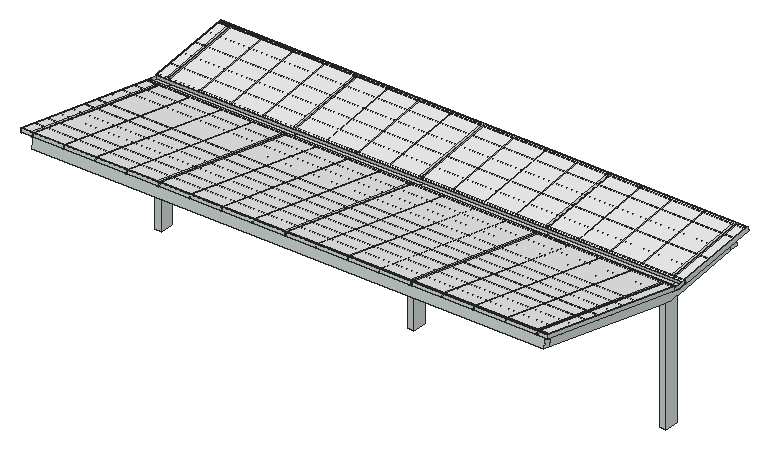
Revit family "Structuress Unlimited Unequal Double Wing Canopy", category Generic Models, Revit 2018
Family settings
  Can host rebar = No
  Round Connector Dimension = Use Diameter
  Part Type = Normal
  Work Plane-Based = No
  Always vertical = Yes
  Cut with Voids When Loaded = No
  Shared = Yes
  Room Calculation Point = No
Parameters (values of type "KCRF Aluminum #79")
  Vertical PD Right [instance] = (Real Centerline To Right Eave - 0' 0 1/2") / cos(Real Roof Pitch)  # 10' - 1.14754"
  Vertical PD Left [instance] = (Real Centerline To Left Eave - 0' 0 1/2") / cos(Real Roof Pitch)  # 5' - 0 41/128"
  URL = "https://www.structuresunlimitedinc.com/sui-3d-details/sui-double-wing-canopy-wide-column-spacing/"
  Roof Pitch [instance] = 9.46°
  Out To Out Of Box Beams Span [instance] = Real Centerline To Left Eave + Real Centerline To Right Eave  # 15' - 0"
  Real Roof Pitch [instance] = if(Roof Pitch < 9.46°, 9.46°, if(Roof Pitch > 45.00°, 45.00°, Roof Pitch))  # 9.46°
  Real Out To Out Of Box Beams Length [instance] = if(Out To Out Of Box Beams Length < 10' 0", 10' 0", if(Out To Out Of Box Beams Length > 200' 0", 200' 0", Out To Out Of Box Beams Length))  # 32' - 5"
  Real Column Height [instance] = if(Column Height < 2' 0", 2' 0", if(Column Height > 12' 0", 12' 0", Column Height))  # 8' - 0"
  Out To Out Of Box Beams Length [instance] = 32' - 5"
  Center To Center Of Beams [instance] = Real Out To Out Of Box Beams Length - Beam Width  # 32' - 0"
  Panel Offset Right [instance] = (Real Centerline To Right Eave - 0' 5 1/2") / cos(Real Roof Pitch)  # 9' - 8.0786"
  Panel Offset Left [instance] = (Real Centerline To Left Eave - 0' 5 1/2") / cos(Real Roof Pitch)  # 4' - 7.25139"
  Outside Of Column [instance] = Beam Height / 2  # 0' - 5"
  Outer Girder Length [instance] = Center To Center Of Beams + Beam Width  # 32' - 5"
  Number Of Intmdt Rafters [instance] = if(Column Spacing = Bay Spacing, Number Of Columns, Number Of Columns * 2 - 1)  # 5
  Number Of Horizontal Grids [instance] = Bay Spacing / 2' 0"  # 4
  Number Of Columns [instance] = if((Center To Center Of Beams / Real Nominal Column Spacing) > 1, roundup(Center To Center Of Beams / Real Nominal Column Spacing) + 1, 2)  # 3
  Number Of Bays [instance] = Number Of Intmdt Rafters - 1  # 4
  Real Nominal Column Spacing [instance] = if(Nominal Column Spacing < 5' 0", 5' 0", if(Nominal Column Spacing > 20' 0", 20' 0", Nominal Column Spacing))  # 16' - 0"
  Nominal Column Spacing [instance] = 16' - 0"
  Model = "Un-Symmetrical Double Wing Canopy"
  Manufacturer = "Structures Unlimited, Inc."
  Horizontal PD [instance] = Center To Center Of Beams + Beam Width + 1' 0"  # 33' - 5"
  Horizontal Grid Space [instance] = Bay Spacing / Number Of Horizontal Grids  # 2' - 0"
  Half Beam Width [instance] = Beam Width / 2  # 0' - 2 1/2"
  Even Number Of Horizontal Grids Real [instance] = if(Even Number Of Bays, Even Number Of Bays, Even Number Of Horizontal Grids)  # yes
  Even Number Of Horizontal Grids [instance] = roundup(Number Of Horizontal Grids / 2) = rounddown(Number Of Horizontal Grids / 2)  # yes
  Even Number Of Bays [instance] = roundup(Number Of Bays / 2) = rounddown(Number Of Bays / 2)  # yes
  Column Spacing [instance] = Center To Center Of Beams / (Number Of Columns - 1)  # 16' - 0"
  Column Height [instance] = 8' - 0"
  Real Centerline To Right Eave [instance] = if(Centerline To Right Eave < 2' 0", 2' 0", if(Centerline To Right Eave > 12' 0", 12' 0", Centerline To Right Eave))  # 10' - 0"
  Real Centerline To Left Eave [instance] = if(Centerline To Left Eave < 2' 0", 2' 0", if(Centerline To Left Eave > 12' 0", 12' 0", Centerline To Left Eave))  # 5' - 0"
  Centerline To Right Eave [instance] = 10' - 0"
  Centerline To Left Eave [instance] = 5' - 0"
  Center Of Canopy [instance] = Center To Center Of Beams / 2  # 16' - 0"
  Center Girder Length [instance] = Center To Center Of Beams - Beam Width  # 31' - 7"
  KCRF = KCRF Aluminum #79
  Beam Width [instance] = 0' - 5"  # constant formula
  Beam Height [instance] = 0' - 10"  # constant formula
  Bay Spacing [instance] = if(Column Spacing > 10' 0", Column Spacing * 0.5, Column Spacing)  # 8' - 0"
Reference planes (in)
  plane 1 "Center (Front/Back)": y = 0
  plane 2: z = 0
  plane 3 "Center (Left/Right)": x = 0
  plane 4: z = 0
  plane 5: z = 96
  plane 6: x = 192
  plane 7: y = -120
  plane 8 "Front Roof Plane": through (0, 515.17994, 136.8903) normal (0, 0.1644, 0.9864)
  plane 9: y = 60
  plane 10 "Back Roof Plane": through (0, 649.65578, 363.85422) normal (0, -0.1644, 0.9864)
Lines and regions (in)
  reference lines
    curve 1: line (0, 0, 96) -> (0, -182.48411, 126.40642)
    curve 2: line (0, 0, 96) -> (0, 263.0281, 139.82706)
    curve 3: line (0, 60, 105.9975) -> (0, 80.70924, -18.28897)
    curve 4: line (0, -120, 115.995) -> (0, -141.69539, -14.20988)
    curve 5: line (0, 41.30093, -117.94286) -> (0, 14.83913, 40.86763)
    curve 6: line (0, -14.54178, 42.6522) -> (0, -40.34614, -112.21269)
Dimensions and locks (in)
  "Real Column Height": plane 5 to plane 4
  "Center Of Canopy": plane 3 "Center (Left/Right)" to plane 6
  locked: plane 1 "Center (Front/Back)" to curve 1 at 0
  locked: curve 1 to plane 5
  locked: curve 3 to plane 9 at 0
  locked: plane 7 to curve 4
  "Half Beam Width": plane 3 "Center (Left/Right)" to nested 1
  "Panel Offset Left": curve 3 to curve 5
  "Panel Offset Right": curve 6 to curve 4
  "Real Centerline To Left Eave": plane 9 to plane 1 "Center (Front/Back)"
  "Real Centerline To Right Eave": plane 7 to plane 1 "Center (Front/Back)"
  "Real Roof Pitch": angle plane 2 to plane 8 "Front Roof Plane"
  "Real Roof Pitch": angle plane 5 to curve 1
  "Real Roof Pitch": angle curve 2 to plane 5
  "Real Roof Pitch": angle plane 10 "Back Roof Plane" to plane 2
  locked: curve 3 to curve 2 (angle 90.00°)
  locked: curve 1 to curve 4 (angle 90.00°)
  "Real Roof Pitch": angle plane 1 "Center (Front/Back)" to curve 6
  "Real Roof Pitch": angle curve 5 to plane 1 "Center (Front/Back)"
  aligned and locked: plane 2 to level
  aligned and locked: nested 3 to plane 6
  aligned and locked: nested 2 to plane 6
  aligned and locked: plane 6 to nested 4
  aligned and locked: plane 1 "Center (Front/Back)" to nested 4
  aligned and locked: plane 5 to nested 4
  aligned and locked: plane 1 "Center (Front/Back)" to nested 1
  aligned and locked: curve 2 to nested 3
  aligned and locked: nested 3 to curve 3
  aligned and locked: nested 2 to curve 1
  aligned and locked: nested 2 to curve 4
  aligned and locked: plane 5 to nested 1
  aligned and locked: curve 1 to nested 6
  aligned and locked: nested 5 to curve 2
  aligned and locked: plane 6 to nested 5
  aligned and locked: nested 6 to plane 6
  aligned and locked: curve 5 to nested 5
  aligned and locked: nested 6 to curve 6
  aligned and locked: plane 1 "Center (Front/Back)" to nested 7
  aligned and locked: nested 7 to plane 3 "Center (Left/Right)"
  aligned and locked: plane 4 to nested 7
  aligned and locked: nested 8 to plane 3 "Center (Left/Right)"
  aligned and locked: plane 1 "Center (Front/Back)" to nested 8
  aligned and locked: plane 4 to nested 8
  aligned and locked: plane 4 to plane 2
Automatic sketch dimensions
  curve 5 to plane 9 = 1' - 6.69907"
  curve 5 to curve 6 = 0' - 1.78457"
Nested families (in)
  nested 1: "Unequal Double Wing Canopy Girders" at (192, 0, 86), Beam Height <- "Beam Height", Beam Width <- "Beam Width", CRF <- "KCRF", Girder Length <- "Center Girder Length", type "Unequal Double Wing Canopy Girders"
    with Girder Length 31' - 7", CRF KCRF Aluminum #79, Beam Width 0' - 5", Beam Height 0' - 10"
  nested 2: "Unequal Double Wing Canopy Girders" at (192, -119.17759, 105.7201) x (-1, 0, 0) z (0, 0.1644, 0.9864), Beam Height <- "Beam Height", Beam Width <- "Beam Width", CRF <- "KCRF", Girder Length <- "Outer Girder Length", type "Unequal Double Wing Canopy Girders"
    with Girder Length 32' - 5", CRF KCRF Aluminum #79, Beam Width 0' - 5", Beam Height 0' - 10"
  nested 3: "Unequal Double Wing Canopy Girders" at (192, 59.17759, 95.7226) x (-1, 0, 0) z (0, -0.1644, 0.9864), Beam Height <- "Beam Height", Beam Width <- "Beam Width", CRF <- "KCRF", Girder Length <- "Outer Girder Length", type "Unequal Double Wing Canopy Girders"
    with Girder Length 32' - 5", CRF KCRF Aluminum #79, Beam Width 0' - 5", Beam Height 0' - 10"
  nested 4: "Unequal Double Wing Canopy Gutter" at (192, 0, 96), Beam Width <- "Beam Width", Center To Center Of Beams <- "Center To Center Of Beams", Roof Pitch <- "Real Roof Pitch", CRF <- "KCRF", type "Unequal Double Wing Canopy Gutter"
    with Roof Pitch 9.46°, Gutter Length 33' - 5", Center To Center Of Beams 32' - 0", CRF KCRF Aluminum #79, Beam Width 0' - 5"
  nested 5: "Unequal Double Wing Canopy Roof Panels" at (192, 5.5, 96.91644) x (1, 0, 0) z (0, -0.1644, 0.9864), Bay Spacing <- "Bay Spacing", CRF <- "KCRF", Horizontal PD <- "Horizontal PD", Vertical PD <- "Vertical PD Left", Even Bays <- "Even Number Of Bays", Horizontal Grid Spacing <- "Horizontal Grid Space", Even Grids <- "Even Number Of Horizontal Grids Real", type "Unequal Double Wing Canopy Roof Panels"
    with Vertical PD 5' - 0 41/128", Vertical Grid Spacing 1' - 0", Panel Skin Thickness 0' - 0.063", Panel Angle 90.00°, Overlap Width 0' - 1 3/4", Overlap Offset 0' - 0 7/8", IBeam Width 0' - 0 1/2", IBeam Thickness 0' - 2 5/8", Horizontal PD 33' - 5", Horizontal Grid Spacing 2' - 0", Half IBeam Width 0' - 0 1/4", Half Horizontal PD 16' - 8 1/2", Grid Offset 0' - 0", Even Grids yes, Even Bays yes, CRF KCRF Aluminum #79, Bay Spacing 8' - 0", Batten Width 0' - 2", Batten Thickness 0' - 0 1/8", Batten Offset 0' - 0"
  nested 6: "Unequal Double Wing Canopy Roof Panels" at (192, -5.5, 96.91644) x (-1, 0, 0) z (0, 0.1644, 0.9864), Bay Spacing <- "Bay Spacing", CRF <- "KCRF", Horizontal PD <- "Horizontal PD", Vertical PD <- "Vertical PD Right", Even Bays <- "Even Number Of Bays", Horizontal Grid Spacing <- "Horizontal Grid Space", Even Grids <- "Even Number Of Horizontal Grids Real", type "Unequal Double Wing Canopy Roof Panels"
    with Vertical PD 10' - 1.14754", Vertical Grid Spacing 1' - 0", Panel Skin Thickness 0' - 0.063", Panel Angle 90.00°, Overlap Width 0' - 1 3/4", Overlap Offset 0' - 0 7/8", IBeam Width 0' - 0 1/2", IBeam Thickness 0' - 2 5/8", Horizontal PD 33' - 5", Horizontal Grid Spacing 2' - 0", Half IBeam Width 0' - 0 1/4", Half Horizontal PD 16' - 8 1/2", Grid Offset 0' - 0", Even Grids yes, Even Bays yes, CRF KCRF Aluminum #79, Bay Spacing 8' - 0", Batten Width 0' - 2", Batten Thickness 0' - 0 1/8", Batten Offset 0' - 0"
  nested 7: "Unequal Double Wing Canopy Columns" at (0, 0, 0) x (0, -1, 0) z (0, 0, 1), CRF <- "KCRF", Beam Height <- "Beam Height", Beam Width <- "Beam Width", CTR 2 CTR Of Beams <- "Center To Center Of Beams", Column Height <- "Real Column Height", Column Spacing <- "Column Spacing", Roof Pitch <- "Real Roof Pitch", type "Unequal Double Wing Canopy Columns"
    with Width Of Canopy 20' - 10", Void Width 15' - 7", Void Offset 8' - 0", Roof Pitch 9.46°, Half Beam Width 0' - 2 1/2", Column Spacing 16' - 0", Column Height 8' - 0", CTR 2 CTR Of Beams 32' - 0", CRF KCRF Aluminum #79, Beam Width 0' - 5", Beam Height 0' - 10"
  nested 8: "Unequal Double Wing Canopy Rafters" at (0, 0, 0) x (0, -1, 0) z (0, 0, 1), CRF <- "KCRF", Beam Height <- "Beam Height", Beam Width <- "Beam Width", CTR 2 CTR Of Beams <- "Center To Center Of Beams", Column Height <- "Real Column Height", Column Spacing <- "Bay Spacing", Roof Pitch <- "Real Roof Pitch", CL To Left Eave <- "Real Centerline To Left Eave", CL To Right Eave <- "Real Centerline To Right Eave", type "Unequal Double Wing Canopy Rafters"
    with Void Width 7' - 7", Void Offset 4' - 0", Roof Pitch 9.46°, Half Beam Width 0' - 2 1/2", Column Spacing 8' - 0", Column Height 8' - 0", CTR 2 CTR Of Beams 32' - 0", CRF KCRF Aluminum #79, CL To Right Eave 10' - 0", CL To Left Eave 5' - 0", Beam Width 0' - 5", Beam Height 0' - 10"
Definition of nested family "Unequal Double Wing Canopy Girders"
  Parameters (values of type "Unequal Double Wing Canopy Girders")
    Girder Length [instance] = 17' - 1"
    Default Elevation = 4' - 0"
    CRF [instance] = none
    Beam Width [instance] = 0' - 5"
    Beam Height [instance] = 0' - 10"
  Reference planes (in)
    plane 1 "Center (Front/Back)": y = 0
    plane 2: z = 0
    plane 3 "Center (Left/Right)": x = 0
    plane 4: x = -102.5
    plane 5: x = 102.5
    plane 6: y = -2.5
    plane 7: y = 2.5
    plane 8: z = 10
  Forms (in)
    Extrusion 1, solid, material <- "CRF"
      sketch origin (0, 0, 0) x (0, 1, 0) y (0, 0, 1)
        loop
          line (2.5, 10) -> (-2.5, 10) -> (-2.5, 0) -> (2.5, 0) -> (2.5, 10)
      from -102.5 to 102.5
  Dimensions and locks (in)
    equal spacing: plane 7, plane 1 "Center (Front/Back)", plane 6
    equal spacing: plane 4, plane 3 "Center (Left/Right)", plane 5
    "Beam Width": plane 7 to plane 6
    "Girder Length": plane 4 to plane 5
    "Beam Height": plane 8 to plane 2
    aligned and locked: level to plane 2
    aligned and locked: Extrusion 1 sketch curve to plane 8
    aligned and locked: plane 6 to Extrusion 1 sketch curve
    aligned and locked: Extrusion 1 sketch curve to plane 7
    aligned and locked: plane 2 to Extrusion 1 sketch curve
    aligned and locked: Extrusion 1 to plane 4
    aligned and locked: plane 5 to Extrusion 1
Definition of nested family "Unequal Double Wing Canopy Gutter"
  Parameters (values of type "Unequal Double Wing Canopy Gutter")
    Roof Pitch [instance] = 15.00°
    Gutter Length [instance] = Center To Center Of Beams + Beam Width + 1' 0"  # 34' - 9"
    Center To Center Of Beams [instance] = 33' - 4"
    CRF [instance] = none
    Beam Width [instance] = 0' - 5"
  Reference planes (in)
    plane 1 "Center (Front/Back)": y = 0
    plane 2: z = 0
    plane 3 "Center (Left/Right)": x = 0
    plane 4: x = -208.5
    plane 5: x = 208.5
    plane 6: y = 5.5
    plane 7: y = -5.5
  Forms (in)
    Extrusion 1, solid, material <- "CRF"
      sketch origin (0, 0, 0) x (0, 1, 0) y (0, 0, 1)
        loop
          line (6.49828, 1.6118) -> (6.46593, 1.73254) -> (0, 0) -> (-6.46593, 1.73254) -> (-6.49828, 1.6118) -> (0, -0.12941) -> (6.49828, 1.6118)
      from -208.5 to 208.5
    Extrusion 2, solid, material <- "CRF"
      sketch origin (0, 0, 0) x (0, 1, 0) y (0, 0, 1)
        loop
          line (3.93037, 1.05314) -> (3.26715, 3.52832) -> (4.83678, 3.94891) -> (4.80442, 4.06965) -> (3.11405, 3.61671) -> (3.77728, 1.14153) -> (0, 0.12941) -> (-3.77728, 1.14153) -> (-3.11405, 3.61671) -> (-4.80442, 4.06965) -> (-4.83678, 3.94891) -> (-3.26715, 3.52832) -> (-3.93037, 1.05314) -> (0, 0) -> (3.93037, 1.05314)
      from -208.375 to 208.375
    Extrusion 3, solid, material <- "CRF"
      sketch origin (0, 0, 0) x (0, 1, 0) y (0, 0, 1)
        loop
          line (4.80442, 4.06965) -> (0, 2.7823) -> (-4.80442, 4.06965) -> (-5.5, 1.47372) -> (0, 0) -> (5.5, 1.47372) -> (4.80442, 4.06965)
      from 208.375 to 208.5
    Extrusion 4, solid, material <- "CRF"
      sketch origin (0, 0, 0) x (0, 1, 0) y (0, 0, 1)
        loop
          line (5.5, 1.47372) -> (4.80442, 4.06965) -> (0, 2.7823) -> (-4.80442, 4.06965) -> (-5.5, 1.47372) -> (0, 0) -> (5.5, 1.47372)
      from -208.5 to -208.375
  Lines and regions (in)
    reference lines
      curve 1: line (0, 0, 0) -> (0, -66.64888, 17.85851)
      curve 2: line (0, 0, 0) -> (0, 52.15999, 13.97623)
      curve 3: line (0, 5.5, 1.47372) -> (0, 21.28796, -57.44775)
      curve 4: line (0, -5.5, 1.47372) -> (0, -21.02914, -56.48183)
  Dimensions and locks (in)
    equal spacing: plane 4, plane 3 "Center (Left/Right)", plane 5
    "Gutter Length": plane 4 to plane 5
    equal spacing: plane 6, plane 1 "Center (Front/Back)", plane 7
    locked: plane 6 to plane 1 "Center (Front/Back)" at 5.5
    locked: curve 1 to plane 2 at 0
    locked: plane 1 "Center (Front/Back)" to curve 1 at 0
    locked: curve 3 to plane 6 at 0
    locked: plane 7 to curve 4 at 0
    locked: curve 4 to Extrusion 1 sketch curve at 1
    locked: Extrusion 1 sketch curve to curve 3 at 1
    locked: curve 2 to Extrusion 1 sketch curve at 0.125
    locked: curve 1 to Extrusion 1 sketch curve at 0.125
    locked: Extrusion 2 sketch curve to curve 2 at 0.125
    locked: curve 1 to Extrusion 2 sketch curve at 0.125
    locked: Extrusion 2 sketch curve to curve 2 at 2.6875
    locked: curve 1 to Extrusion 2 sketch curve at 2.6875
    locked: Extrusion 2 sketch curve to Extrusion 2 sketch curve at 0.125  (x4)
    locked: curve 3 to Extrusion 2 sketch curve at 1.75
    locked: Extrusion 2 sketch curve to curve 4 at 1.75
    locked: Extrusion 3 sketch curve to curve 2 at 2.6875
    locked: curve 1 to Extrusion 3 sketch curve at 2.6875
    locked: Extrusion 3 to plane 5 at 0.125
    locked: Extrusion 4 sketch curve to curve 2 at 2.6875
    locked: curve 1 to Extrusion 4 sketch curve at 2.6875
    locked: plane 4 to Extrusion 4 at 0.125
    locked: plane 4 to Extrusion 2 at 0.125
    locked: Extrusion 2 to plane 5 at 0.125
    "Roof Pitch": angle plane 2 to curve 1
    "Roof Pitch": angle curve 2 to plane 2
    locked: curve 1 to curve 4 (angle 90.00°)
    locked: curve 3 to curve 2 (angle 90.00°)
    aligned and locked: plane 2 to level
    aligned and locked: Extrusion 1 sketch curve to curve 2
    aligned and locked: Extrusion 1 sketch curve to curve 1
    aligned and locked: Extrusion 1 to plane 4
    aligned and locked: plane 5 to Extrusion 1
    aligned and locked: Extrusion 2 sketch curve to curve 2
    aligned and locked: Extrusion 2 sketch curve to curve 1
    aligned and locked: Extrusion 2 sketch curve to curve 3
    aligned and locked: curve 4 to Extrusion 2 sketch curve
    aligned and locked: curve 3 to Extrusion 3 sketch curve
    aligned and locked: curve 2 to Extrusion 3 sketch curve
    aligned and locked: Extrusion 3 sketch curve to curve 1
    aligned and locked: Extrusion 3 sketch curve to curve 4
    aligned and locked: plane 5 to Extrusion 3
    aligned and locked: Extrusion 4 sketch curve to curve 2
    aligned and locked: Extrusion 4 sketch curve to curve 3
    aligned and locked: Extrusion 4 sketch curve to curve 1
    aligned and locked: Extrusion 4 sketch curve to curve 4
    aligned and locked: Extrusion 4 to plane 4
Definition of nested family "Unequal Double Wing Canopy Roof Panels"
  Parameters (values of type "Unequal Double Wing Canopy Roof Panels")
    Vertical PD [instance] = 14' - 7"
    Vertical Grid Spacing [instance] = 1' - 0"  # constant formula
    Panel Skin Thickness [instance] = 0' - 0.063"  # constant formula
    Panel Angle [instance] = 90.00°
    Overlap Width [instance] = 0' - 1 3/4"  # constant formula
    Overlap Offset [instance] = Overlap Width / 2  # 0' - 0 7/8"
    IBeam Width [instance] = 0' - 0 1/2"  # constant formula
    IBeam Thickness [instance] = 0' - 2 5/8"  # constant formula
    Horizontal PD [instance] = 16' - 8"
    Horizontal Grid Spacing [instance] = 2' - 0"
    Half IBeam Width [instance] = IBeam Width / 2  # 0' - 0 1/4"
    Half Horizontal PD [instance] = Horizontal PD / 2  # 8' - 4"
    Grid Offset [instance] = if(Even Grids, 0' 0", Horizontal Grid Spacing / 2)  # 1' - 0"
    Even Grids [instance] = no
    Even Bays [instance] = no
    Default Elevation = 4' - 0"
    CRF [instance] = none
    Bay Spacing [instance] = 8' - 0"
    Batten Width [instance] = 0' - 2"  # constant formula
    Batten Thickness [instance] = 0' - 0 1/8"  # constant formula
    Batten Offset [instance] = if(Even Bays, 0' 0", Bay Spacing / 2)  # 4' - 0"
  Reference planes (in)
    plane 1 "Center (Front/Back)": y = 0
    plane 2: z = 0
    plane 3 "Center (Left/Right)": x = 0
    plane 4 "Left Panel": x = -100
    plane 5 "Right Panel": x = 100
    plane 6: z = 0.063
    plane 7: z = 2.688
    plane 8: z = 2.751
    plane 9: y = -1.75
    plane 10 "Left Outside": x = -2000
    plane 11 "Right Outside": x = 2000
    plane 12: y = 0.25
    plane 13 "Max Top PD": y = 1080
    plane 14 "Max Left PD": x = -1976
    plane 15 "Max Right PD": x = 1976
    plane 16 "Top Outside": y = 1104
    plane 17: x = -36
    plane 18: x = -60
    plane 19: x = -84
    plane 20: x = -108
    plane 21: x = -132
    plane 22: x = -156
    plane 23: x = -180
    plane 24: x = -204
    plane 25: x = 12
    plane 26: x = 36
    plane 27: x = 60
    plane 28: x = 84
    plane 29: x = 108
    plane 30: x = 132
    plane 31: x = 156
    plane 32: x = 180
    plane 33: x = 204
    plane 34: x = -228
    plane 35: x = -252
    plane 36: x = 228
    plane 37: x = -276
    plane 38: x = -300
    plane 39: x = -324
    plane 40: x = -348
    plane 41: x = -372
    plane 42: x = -396
    plane 43: x = -420
    plane 44: x = 252
    plane 45: x = 276
    plane 46: x = 300
    plane 47: x = 324
    plane 48: x = 348
    plane 49: x = 372
    plane 50: x = 396
    plane 51: y = 12.25
    plane 52: y = 24.25
    plane 53: y = 36.25
    plane 54: y = 48.25
    plane 55: y = 60.25
    plane 56: y = 72.25
    plane 57: y = 84.25
    plane 58: y = 96.25
    plane 59: y = 108.25
    plane 60: z = 2.876
    plane 61: z = -0.125
    plane 62 "Bot Max": y = -36
    plane 63 "Bot Outside": y = -48
    plane 64: x = -444
    plane 65: x = -468
    plane 66: x = 420
    plane 67: x = 444
    plane 68: y = 120.25
    plane 69: y = 132.25
    plane 70: y = 144.25
    plane 71: y = 156.25
    plane 72: y = 168.25
    plane 73: y = 180.25
    plane 74: y = 192.25
    plane 75: y = 204.25
    plane 76: y = 216.25
    plane 77: y = 228.25
    plane 78: y = 240.25
    plane 79: y = 252.25
    plane 80: y = 264.25
    plane 81: y = 276.25
    plane 82: y = 288.25
    plane 83: y = 300.25
    plane 84: y = 312.25
    plane 85: y = 324.25
    plane 86: y = 336.25
    plane 87: y = 348.25
    plane 88: y = 360.25
    plane 89: y = 372.25
    plane 90: y = 384.25
    plane 91: y = 396.25
    plane 92: y = 408.25
    plane 93: y = 420.25
    plane 94: y = 432.25
    plane 95: y = 444.25
    plane 96: y = 456.25
    plane 97: y = 468.25
    plane 98: y = 480.25
    plane 99: y = 492.25
    plane 100: y = 504.25
    plane 101: y = 516.25
    plane 102: y = 528.25
    plane 103: x = -492
    plane 104: x = -516
    plane 105: x = -540
    plane 106: x = -564
    plane 107: x = -588
    plane 108: x = -612
    plane 109: x = -636
    plane 110: x = -660
    plane 111: x = -684
    plane 112: x = -708
    plane 113: x = -732
    plane 114: x = -756
    plane 115: x = 468
    plane 116: x = 492
    plane 117: x = 540
    plane 118: x = 516
    plane 119: x = 564
    plane 120: x = 588
    plane 121: x = 636
    plane 122: x = 612
    plane 123: x = 660
    plane 124: x = 684
    plane 125: x = 708
    plane 126: x = 732
    plane 127: y = 540.25
    plane 128: y = 552.25
    plane 129: y = 564.25
    plane 130: y = 576.25
    plane 131: y = 588.25
    plane 132: y = 600.25
    plane 133: y = 612.25
    plane 134: y = 624.25
    plane 135: y = 636.25
    plane 136: y = 648.25
    plane 137: y = 660.25
    plane 138: y = 684.25
    plane 139: y = 696.25
    plane 140: y = 672.25
    plane 141: y = 708.25
    plane 142: y = 720.25
    plane 143: y = 744.25
    plane 144: y = 732.25
    plane 145: y = 768.25
    plane 146: y = 756.25
    plane 147: y = 780.25
    plane 148: y = 804.25
    plane 149: y = 792.25
    plane 150: y = 816.25
    plane 151: y = 828.25
    plane 152: y = 840.25
    plane 153: y = 852.25
    plane 154: y = 864.25
    plane 155: y = 876.25
    plane 156: y = 888.25
    plane 157: y = 900.25
    plane 158: y = 912.25
    plane 159: y = 936.25
    plane 160: y = 948.25
    plane 161: y = 960.25
    plane 162: y = 924.25
    plane 163: x = -780
    plane 164: x = -804
    plane 165: x = -828
    plane 166: x = -852
    plane 167: x = -876
    plane 168: x = -900
    plane 169: x = -924
    plane 170: x = -948
    plane 171: x = -972
    plane 172: x = 756
    plane 173: x = 780
    plane 174: x = 804
    plane 175: x = 828
    plane 176: x = 852
    plane 177: x = 876
    plane 178: x = 900
    plane 179: x = 924
    plane 180: x = 948
    plane 181: x = -996
    plane 182: x = -1020
    plane 183: x = -1044
    plane 184: x = -1068
    plane 185: x = 972
    plane 186: x = 996
    plane 187: x = 1020
    plane 188: x = 1044
    plane 189: x = -1092
    plane 190: x = -1116
    plane 191: x = -1140
    plane 192: x = -1164
    plane 193: x = 1068
    plane 194: x = 1092
    plane 195: x = 1116
    plane 196: x = 1140
    plane 197: x = -1188
    plane 198: x = -1212
    plane 199: x = -1236
    plane 200: x = 1188
    plane 201: x = 1164
    plane 202: x = 1212
    plane 203: y = 175.25
    plane 204: x = -1200
    plane 205: x = -1104
    plane 206: x = -1008
    plane 207: x = -912
    plane 208: x = -816
    plane 209: x = -720
    plane 210: x = -624
    plane 211: x = -528
    plane 212: x = -432
    plane 213: x = -336
    plane 214: x = -240
    plane 215: x = -144
    plane 216: x = -48
    plane 217: x = 48
    plane 218: x = 144
    plane 219: x = 240
    plane 220: x = 336
    plane 221: x = 432
    plane 222: x = 528
    plane 223: x = 624
    plane 224: x = 720
    plane 225: x = 816
    plane 226: x = 912
    plane 227: x = 1008
    plane 228: x = 1104
    plane 229: x = 1200
    plane 230: x = -12
  Forms (in)
    Extrusion 1, solid
      sketch origin (0, 0, 0) x (1, 0, 0) y (0, 1, 0)
        loop
          line (1976, 0) -> (1976, 1080) -> (-1976, 1080) -> (-1976, 0) -> (1976, 0)
      from 0.063 to 0
    Extrusion 2, solid
      sketch origin (0, 0, 0) x (1, 0, 0) y (0, 1, 0)
        loop
          line (1976, -1.75) -> (1976, 1080) -> (-1976, 1080) -> (-1976, -1.75) -> (1976, -1.75)
      from 2.688 to 2.751
    Sweep 3, solid
      path origin (0, 0, 0) x (1, 0, 0) y (0, 1, 0)
        loop
          line (1976, 1080) -> (1976, 0.25) -> (1212, 0.25) -> (1212, 1080) -> (1188, 1080) -> (1188, 0.25) -> (1164, 0.25) -> (1164, 1080) -> (1140, 1080) -> (1140, 0.25) -> (1116, 0.25) -> (1116, 1080) -> (1092, 1080) -> (1092, 0.25) -> (1068, 0.25) -> (1068, 1080) -> (1044, 1080) -> (1044, 0.25) -> (1020, 0.25) -> (1020, 1080) -> (996, 1080) -> (996, 0.25) -> (972, 0.25) -> (972, 1080) -> (948, 1080) -> (948, 0.25) -> (924, 0.25) -> (924, 1080) -> (900, 1080) -> (900, 0.25) -> (876, 0.25) -> (876, 1080) -> (852, 1080) -> (852, 0.25) -> (828, 0.25) -> (828, 1080) -> (804, 1080) -> (804, 0.25) -> (780, 0.25) -> (780, 1080) -> (756, 1080) -> (756, 0.25) -> (732, 0.25) -> (732, 1080) -> (708, 1080) -> (708, 0.25) -> (684, 0.25) -> (684, 1080) -> (660, 1080) -> (660, 0.25) -> (636, 0.25) -> (636, 1080) -> (612, 1080) -> (612, 0.25) -> (588, 0.25) -> (588, 1080) -> (564, 1080) -> (564, 0.25) -> (540, 0.25) -> (540, 1080) -> (516, 1080) -> (516, 0.25) -> (492, 0.25) -> (492, 1080) -> (468, 1080) -> (468, 0.25) -> (444, 0.25) -> (444, 1080) -> (420, 1080) -> (420, 0.25) -> (396, 0.25) -> (396, 1080) -> (372, 1080) -> (372, 0.25) -> (348, 0.25) -> (348, 1080) -> (324, 1080) -> (324, 0.25) -> (300, 0.25) -> (300, 1080) -> (276, 1080) -> (276, 0.25) -> (252, 0.25) -> (252, 1080) -> (228, 1080) -> (228, 0.25) -> (204, 0.25) -> (204, 1080) -> (180, 1080) -> (180, 0.25) -> (156, 0.25) -> (156, 1080) -> (132, 1080) -> (132, 0.25) -> (108, 0.25) -> (108, 1080) -> (84, 1080) -> (84, 0.25) -> (60, 0.25) -> (60, 1080) -> (36, 1080) -> (36, 0.25) -> (12, 0.25) -> (12, 1080) -> (-12, 1080) -> (-12, 0.25) -> (-36, 0.25) -> (-36, 1080) -> (-60, 1080) -> (-60, 0.25) -> (-84, 0.25) -> (-84, 1080) -> (-108, 1080) -> (-108, 0.25) -> (-132, 0.25) -> (-132, 1080) -> (-156, 1080) -> (-156, 0.25) -> (-180, 0.25) -> (-180, 1080) -> (-204, 1080) -> (-204, 0.25) -> (-228, 0.25) -> (-228, 1080) -> (-252, 1080) -> (-252, 0.25) -> (-276, 0.25) -> (-276, 1080) -> (-300, 1080) -> (-300, 0.25) -> (-324, 0.25) -> (-324, 1080) -> (-348, 1080) -> (-348, 0.25) -> (-372, 0.25) -> (-372, 1080) -> (-396, 1080) -> (-396, 0.25) -> (-420, 0.25) -> (-420, 1080) -> (-444, 1080) -> (-444, 0.25) -> (-468, 0.25) -> (-468, 1080) -> (-492, 1080) -> (-492, 0.25) -> (-516, 0.25) -> (-516, 1080) -> (-540, 1080) -> (-540, 0.25) -> (-564, 0.25) -> (-564, 1080) -> (-588, 1080) -> (-588, 0.25) -> (-612, 0.25) -> (-612, 1080) -> (-636, 1080) -> (-636, 0.25) -> (-660, 0.25) -> (-660, 1080) -> (-684, 1080) -> (-684, 0.25) -> (-708, 0.25) -> (-708, 1080) -> (-732, 1080) -> (-732, 0.25) -> (-756, 0.25) -> (-756, 1080) -> (-780, 1080) -> (-780, 0.25) -> (-804, 0.25) -> (-804, 1080) -> (-828, 1080) -> (-828, 0.25) -> (-852, 0.25) -> (-852, 1080) -> (-876, 1080) -> (-876, 0.25) -> (-900, 0.25) -> (-900, 1080) -> (-924, 1080) -> (-924, 0.25) -> (-948, 0.25) -> (-948, 1080) -> (-972, 1080) -> (-972, 0.25) -> (-996, 0.25) -> (-996, 1080) -> (-1020, 1080) -> (-1020, 0.25) -> (-1044, 0.25) -> (-1044, 1080) -> (-1068, 1080) -> (-1068, 0.25) -> (-1092, 0.25) -> (-1092, 1080) -> (-1116, 1080) -> (-1116, 0.25) -> (-1140, 0.25) -> (-1140, 1080) -> (-1164, 1080) -> (-1164, 0.25) -> (-1188, 0.25) -> (-1188, 1080) -> (-1212, 1080) -> (-1212, 0.25) -> (-1236, 0.25) -> (-1236, 1080) -> (-1976, 1080) -> (-1976, 0.25)
      profile origin (-1976, 540.125, 0) x (1, 0, 0) y (0, 0, 1)
        loop
          line (0.25, 0.063) -> (0.25, 2.688) -> (-0.25, 2.688) -> (-0.25, 0.063) -> (0.25, 0.063)
    Sweep 4, solid
      path origin (0, 0, 0) x (1, 0, 0) y (0, 1, 0)
        loop
          line (1976, 1080) -> (-1976, 1080) -> (-1976, 960.25) -> (1976, 960.25) -> (1976, 948.25) -> (-1976, 948.25) -> (-1976, 936.25) -> (1976, 936.25) -> (1976, 924.25) -> (-1976, 924.25) -> (-1976, 912.25) -> (1976, 912.25) -> (1976, 900.25) -> (-1976, 900.25) -> (-1976, 888.25) -> (1976, 888.25) -> (1976, 876.25) -> (-1976, 876.25) -> (-1976, 864.25) -> (1976, 864.25) -> (1976, 852.25) -> (-1976, 852.25) -> (-1976, 840.25) -> (1976, 840.25) -> (1976, 828.25) -> (-1976, 828.25) -> (-1976, 816.25) -> (1976, 816.25) -> (1976, 804.25) -> (-1976, 804.25) -> (-1976, 792.25) -> (1976, 792.25) -> (1976, 780.25) -> (-1976, 780.25) -> (-1976, 768.25) -> (1976, 768.25) -> (1976, 756.25) -> (-1976, 756.25) -> (-1976, 744.25) -> (1976, 744.25) -> (1976, 732.25) -> (-1976, 732.25) -> (-1976, 720.25) -> (1976, 720.25) -> (1976, 708.25) -> (-1976, 708.25) -> (-1976, 696.25) -> (1976, 696.25) -> (1976, 684.25) -> (-1976, 684.25) -> (-1976, 672.25) -> (1976, 672.25) -> (1976, 660.25) -> (-1976, 660.25) -> (-1976, 648.25) -> (1976, 648.25) -> (1976, 636.25) -> (-1976, 636.25) -> (-1976, 624.25) -> (1976, 624.25) -> (1976, 612.25) -> (-1976, 612.25) -> (-1976, 600.25) -> (1976, 600.25) -> (1976, 588.25) -> (-1976, 588.25) -> (-1976, 576.25) -> (1976, 576.25) -> (1976, 564.25) -> (-1976, 564.25) -> (-1976, 552.25) -> (1976, 552.25) -> (1976, 540.25) -> (-1976, 540.25) -> (-1976, 528.25) -> (1976, 528.25) -> (1976, 516.25) -> (-1976, 516.25) -> (-1976, 504.25) -> (1976, 504.25) -> (1976, 492.25) -> (-1976, 492.25) -> (-1976, 480.25) -> (1976, 480.25) -> (1976, 468.25) -> (-1976, 468.25) -> (-1976, 456.25) -> (1976, 456.25) -> (1976, 444.25) -> (-1976, 444.25) -> (-1976, 432.25) -> (1976, 432.25) -> (1976, 420.25) -> (-1976, 420.25) -> (-1976, 408.25) -> (1976, 408.25) -> (1976, 396.25) -> (-1976, 396.25) -> (-1976, 384.25) -> (1976, 384.25) -> (1976, 372.25) -> (-1976, 372.25) -> (-1976, 360.25) -> (1976, 360.25) -> (1976, 348.25) -> (-1976, 348.25) -> (-1976, 336.25) -> (1976, 336.25) -> (1976, 324.25) -> (-1976, 324.25) -> (-1976, 312.25) -> (1976, 312.25) -> (1976, 300.25) -> (-1976, 300.25) -> (-1976, 288.25) -> (1976, 288.25) -> (1976, 276.25) -> (-1976, 276.25) -> (-1976, 264.25) -> (1976, 264.25) -> (1976, 252.25) -> (-1976, 252.25) -> (-1976, 240.25) -> (1976, 240.25) -> (1976, 228.25) -> (-1976, 228.25) -> (-1976, 216.25) -> (1976, 216.25) -> (1976, 204.25) -> (-1976, 204.25) -> (-1976, 192.25) -> (1976, 192.25) -> (1976, 180.25) -> (-1976, 180.25) -> (-1976, 168.25) -> (1976, 168.25) -> (1976, 156.25) -> (-1976, 156.25) -> (-1976, 144.25) -> (1976, 144.25) -> (1976, 132.25) -> (-1976, 132.25) -> (-1976, 120.25) -> (1976, 120.25) -> (1976, 108.25) -> (-1976, 108.25) -> (-1976, 96.25) -> (1976, 96.25) -> (1976, 84.25) -> (-1976, 84.25) -> (-1976, 72.25) -> (1976, 72.25) -> (1976, 60.25) -> (-1976, 60.25) -> (-1976, 48.25) -> (1976, 48.25) -> (1976, 36.25) -> (-1976, 36.25) -> (-1976, 24.25) -> (1976, 24.25) -> (1976, 12.25) -> (-1976, 12.25) -> (-1976, 0.25) -> (1976, 0.25)
      profile origin (0, 0.25, 0) x (0, 1, 0) y (0, 0, 1)
        loop
          line (-0.25, 2.688) -> (-0.25, 0.063) -> (0.25, 0.063) -> (0.25, 2.688) -> (-0.25, 2.688)
    Extrusion 5, void
      sketch origin (0, 0, 0) x (1, 0, 0) y (0, 1, 0)
        loop
          line (-100, -1.75) -> (-100, 175.25) -> (100, 175.25) -> (100, -1.75) -> (2000, -1.75) -> (2000, 1104) -> (-2000, 1104) -> (-2000, -1.75) -> (-100, -1.75)
      from -0.125 to 2.876
    Extrusion 6, void
      sketch origin (0, 0, 0) x (1, 0, 0) y (0, 1, 0)
        loop
          line (-2000, -48) -> (2000, -48) -> (2000, 0) -> (-2000, 0) -> (-2000, -48)
      from -0.125 to 2.876
    Sweep 7, solid, material <- "CRF"
      path origin (0, 0, 0) x (1, 0, 0) y (0, 1, 0)
        loop
          line (1976, 1079.125) -> (-1976, 1079.125) -> (-1976, 959.375) -> (1976, 959.375) -> (1976, 899.375) -> (-1976, 899.375) -> (-1976, 839.375) -> (1976, 839.375) -> (1976, 779.375) -> (-1976, 779.375) -> (-1976, 719.375) -> (1976, 719.375) -> (1976, 659.375) -> (-1976, 659.375) -> (-1976, 599.375) -> (1976, 599.375) -> (1976, 539.375) -> (-1976, 539.375) -> (-1976, 479.375) -> (1976, 479.375) -> (1976, 419.375) -> (-1976, 419.375) -> (-1976, 359.375) -> (1976, 359.375) -> (1976, 299.375) -> (-1976, 299.375) -> (-1976, 239.375) -> (1976, 239.375) -> (1976, 179.375) -> (-1976, 179.375) -> (-1976, 119.375) -> (1976, 119.375) -> (1976, 59.375) -> (-1976, 59.375)
      profile origin (0, 59.375, 0) x (0, -1, 0) y (0, 0, 1)
        loop
          line (-0.875, 2.688) -> (-0.875, -0.125) -> (0.875, -0.125) -> (0.875, 2.688) -> (-0.875, 2.688)
    Sweep 8, solid, material <- "CRF"
      path origin (0, 0, 0) x (1, 0, 0) y (0, 1, 0)
        loop
          line (1976, -36) -> (1976, 1080) -> (1200, 1080) -> (1200, -36) -> (1104, -36) -> (1104, 1080) -> (1008, 1080) -> (1008, -36) -> (912, -36) -> (912, 1080) -> (816, 1080) -> (816, -36) -> (720, -36) -> (720, 1080) -> (624, 1080) -> (624, -36) -> (528, -36) -> (528, 1080) -> (432, 1080) -> (432, -36) -> (336, -36) -> (336, 1080) -> (240, 1080) -> (240, -36) -> (144, -36) -> (144, 1080) -> (48, 1080) -> (48, -36) -> (-48, -36) -> (-48, 1080) -> (-144, 1080) -> (-144, -36) -> (-240, -36) -> (-240, 1080) -> (-336, 1080) -> (-336, -36) -> (-432, -36) -> (-432, 1080) -> (-528, 1080) -> (-528, -36) -> (-624, -36) -> (-624, 1080) -> (-720, 1080) -> (-720, -36) -> (-816, -36) -> (-816, 1080) -> (-912, 1080) -> (-912, -36) -> (-1008, -36) -> (-1008, 1080) -> (-1104, 1080) -> (-1104, -36) -> (-1200, -36) -> (-1200, 1080) -> (-1976, 1080) -> (-1976, -36)
      profile origin (-1976, 522, 0) x (1, 0, 0) y (0, 0, 1)
        loop
          line (-1, 2.876) -> (-1, -0.125) -> (1, -0.125) -> (1, 2.876) -> (-1, 2.876)
    Sweep 9, solid, material <- "CRF"
      path origin (0, 0, 0) x (1, 0, 0) y (0, 1, 0)
        loop
          line (100, 0) -> (100, 175.25) -> (-100, 175.25) -> (-100, 0)
      profile origin (-100, 87.625, 0) x (1, 0, 0) y (0, 0, 1)
        loop
          line (0.5, -0.125) -> (0.5, 0) -> (0, 0) -> (0, 2.751) -> (0.5, 2.751) -> (0.5, 2.876) -> (-0.125, 2.876) -> (-0.125, -0.125) -> (0.5, -0.125)
  Cuts and joins
    Extrusion 5, Extrusion 6 cuts Sweep 4
    Extrusion 5, Extrusion 6 cuts Sweep 3
    Extrusion 5 cuts Extrusion 2
    Extrusion 5, Extrusion 6 cuts Extrusion 1
    Extrusion 5 cuts Sweep 7
    Extrusion 5, Extrusion 6 cuts Sweep 8
  Lines and regions (in)
    reference lines
      curve 1: line (-100, 0, 0) -> (-100, 318, 0)
      curve 2: line (100, 0, 0) -> (100, 456, 0)
  Dimensions and locks (in)
    locked: plane 1 "Center (Front/Back)" to curve 1
    locked: plane 4 "Left Panel" to curve 1
    locked: plane 5 "Right Panel" to curve 2
    locked: plane 1 "Center (Front/Back)" to curve 2 at 0
    "Panel Skin Thickness": plane 6 to plane 2
    "IBeam Thickness": plane 7 to plane 6
    "Panel Skin Thickness": plane 8 to plane 7
    "Half Horizontal PD": plane 4 "Left Panel" to plane 3 "Center (Left/Right)"
    "Half Horizontal PD": plane 3 "Center (Left/Right)" to plane 5 "Right Panel"
    "Overlap Width": plane 1 "Center (Front/Back)" to plane 9
    locked: plane 10 "Left Outside" to plane 3 "Center (Left/Right)" at 2000
    locked: plane 3 "Center (Left/Right)" to plane 11 "Right Outside" at 2000
    "Half IBeam Width": plane 1 "Center (Front/Back)" to plane 12
    locked: plane 1 "Center (Front/Back)" to plane 13 "Max Top PD" at 1080
    equal spacing: Sweep 3 sketch curve, profile plane, Sweep 3 sketch curve
    "IBeam Width": Sweep 3 sketch curve to Sweep 3 sketch curve
    "IBeam Width": Sweep 4 sketch curve to Sweep 4 sketch curve
    equal spacing: Sweep 4 sketch curve, plane 12, Sweep 4 sketch curve
    "Batten Thickness": plane 60 to plane 8
    "Batten Thickness": plane 2 to plane 61
    locked: plane 62 "Bot Max" to plane 1 "Center (Front/Back)" at 36
    locked: plane 63 "Bot Outside" to plane 1 "Center (Front/Back)" at 48
    "Vertical Grid Spacing": plane 102 to plane 101 to plane 100 to plane 99 to plane 98 to plane 97 to plane 96 to plane 95 to plane 94 to plane 93 to plane 92 to plane 91 to plane 90 to plane 89 to plane 88 to plane 87 to plane 86 to plane 85 to plane 84 to plane 83 to plane 82 to plane 81 to plane 80 to plane 79 to plane 78 to plane 77 to plane 76 to plane 75 to plane 74 to plane 73 to plane 72 to plane 71 to plane 70 to plane 69 to plane 68 to plane 59 to plane 58 to plane 57 to plane 56 to plane 55 to plane 54 to plane 53 to plane 52 to plane 51 to plane 12
    "Overlap Offset": Sweep 7 sketch curve to plane 55
    "Overlap Offset": plane 68 to Sweep 7 sketch curve
    "Overlap Offset": plane 73 to Sweep 7 sketch curve
    "Overlap Offset": plane 78 to Sweep 7 sketch curve
    "Overlap Offset": plane 83 to Sweep 7 sketch curve
    "Overlap Offset": Sweep 7 sketch curve to plane 88
    "Overlap Offset": plane 93 to Sweep 7 sketch curve
    "Overlap Offset": Sweep 7 sketch curve to plane 98
    "Overlap Offset": plane 13 "Max Top PD" to Sweep 7 sketch curve
    equal spacing: Sweep 7 sketch curve, profile plane, Sweep 7 sketch curve
    "Overlap Width": Sweep 7 sketch curve to Sweep 7 sketch curve
    locked: plane 10 "Left Outside" to plane 14 "Max Left PD" at 24
    locked: plane 15 "Max Right PD" to plane 11 "Right Outside" at 24
    locked: plane 16 "Top Outside" to plane 13 "Max Top PD" at 24
    "Vertical Grid Spacing": plane 102 to plane 127 to plane 128 to plane 129 to plane 130 to plane 131 to plane 132 to plane 133 to plane 134 to plane 135 to plane 136 to plane 137 to plane 140 to plane 138 to plane 139 to plane 141 to plane 142 to plane 144 to plane 143 to plane 146 to plane 145 to plane 147
    "Vertical Grid Spacing": plane 147 to plane 149 to plane 148 to plane 150 to plane 151 to plane 152 to plane 153 to plane 154 to plane 155 to plane 156 to plane 157 to plane 158 to plane 162 to plane 159 to plane 160 to plane 161
    "Overlap Offset": Sweep 7 sketch curve to plane 127
    "Overlap Offset": plane 132 to Sweep 7 sketch curve
    "Overlap Offset": Sweep 7 sketch curve to plane 137
    "Overlap Offset": Sweep 7 sketch curve to plane 142
    "Overlap Offset": Sweep 7 sketch curve to plane 147
    "Overlap Offset": Sweep 7 sketch curve to plane 152
    "Overlap Offset": plane 157 to Sweep 7 sketch curve
    "Overlap Offset": Sweep 7 sketch curve to plane 161
    "Vertical PD": plane 203 to plane 12
    "Batten Offset": plane 216 to plane 3 "Center (Left/Right)"
    "Bay Spacing": plane 204 to plane 205 to plane 206 to plane 207 to plane 208 to plane 209 to plane 210 to plane 211 to plane 212 to plane 213 to plane 214 to plane 215 to plane 216
    "Bay Spacing": plane 216 to plane 217 to plane 218 to plane 219 to plane 220 to plane 221 to plane 222 to plane 223 to plane 224 to plane 225 to plane 226 to plane 227 to plane 228
    equal spacing: Sweep 8 sketch curve, profile plane, Sweep 8 sketch curve
    "Batten Width": Sweep 8 sketch curve to Sweep 8 sketch curve
    "Bay Spacing": plane 228 to plane 229
    locked: Sweep 9 sketch curve to Sweep 9 sketch curve at 0.125  (x3)
    locked: Sweep 9 sketch curve to Sweep 9 sketch curve at 0.5
    "Grid Offset": plane 230 to plane 3 "Center (Left/Right)"
    "Horizontal Grid Spacing": plane 199 to plane 198 to plane 197 to plane 192 to plane 191 to plane 190 to plane 189 to plane 184 to plane 183 to plane 182 to plane 181 to plane 171 to plane 170 to plane 169 to plane 168 to plane 167 to plane 166 to plane 165 to plane 164 to plane 163 to plane 114 to plane 113 to plane 112 to plane 111 to plane 110 to plane 109 to plane 108 to plane 107 to plane 106 to plane 105 to plane 104 to plane 103 to plane 65 to plane 64 to plane 43 to plane 42 to plane 41 to plane 40 to plane 39 to plane 38 to plane 37 to plane 35 to plane 34 to plane 24 to plane 23 to plane 22 to plane 21 to plane 20 to plane 19 to plane 18 to plane 17 to plane 230 to plane 25 to plane 26 to plane 27 to plane 28 to plane 29 to plane 30 to plane 31 to plane 32 to plane 33 to plane 36 to plane 44 to plane 45 to plane 46 to plane 47 to plane 48 to plane 49 to plane 50 to plane 66 to plane 67 to plane 115 to plane 116 to plane 118 to plane 117 to plane 119 to plane 120 to plane 122 to plane 121 to plane 123 to plane 124 to plane 125 to plane 126 to plane 172 to plane 173 to plane 174 to plane 175 to plane 176 to plane 177 to plane 178 to plane 179 to plane 180 to plane 185 to plane 186 to plane 187 to plane 188 to plane 193 to plane 194 to plane 195 to plane 196 to plane 201 to plane 200 to plane 202
    "Panel Angle": angle plane 1 "Center (Front/Back)" to curve 1
    "Panel Angle": angle curve 2 to plane 1 "Center (Front/Back)"
    aligned and locked: level to plane 2
    aligned and locked: Extrusion 1 sketch curve to plane 1 "Center (Front/Back)"
    aligned and locked: plane 2 to Extrusion 1
    aligned and locked: Extrusion 1 to plane 6
    aligned and locked: Extrusion 2 sketch curve to plane 9
    aligned and locked: Extrusion 2 to plane 7
    aligned and locked: Extrusion 2 to plane 8
    aligned and locked: Sweep 3 sketch curve to plane 14 "Max Left PD"
    aligned and locked: Sweep 3 sketch curve to plane 13 "Max Top PD"  (x42)
    aligned and locked: Sweep 3 sketch curve to plane 42
    aligned and locked: Sweep 3 sketch curve to plane 41
    aligned and locked: Sweep 3 sketch curve to plane 40
    aligned and locked: Sweep 3 sketch curve to plane 39
    aligned and locked: Sweep 3 sketch curve to plane 38
    aligned and locked: Sweep 3 sketch curve to plane 37
    aligned and locked: Sweep 3 sketch curve to plane 35
    aligned and locked: Sweep 3 sketch curve to plane 34
    aligned and locked: Sweep 3 sketch curve to plane 24
    aligned and locked: Sweep 3 sketch curve to plane 23
    aligned and locked: Sweep 3 sketch curve to plane 22
    aligned and locked: Sweep 3 sketch curve to plane 21
    aligned and locked: Sweep 3 sketch curve to plane 20
    aligned and locked: Sweep 3 sketch curve to plane 19
    aligned and locked: Sweep 3 sketch curve to plane 18
    aligned and locked: Sweep 3 sketch curve to plane 17
    aligned and locked: Sweep 3 sketch curve to plane 25
    aligned and locked: Sweep 3 sketch curve to plane 26
    aligned and locked: Sweep 3 sketch curve to plane 27
    aligned and locked: Sweep 3 sketch curve to plane 28
    aligned and locked: Sweep 3 sketch curve to plane 29
    aligned and locked: Sweep 3 sketch curve to plane 30
    aligned and locked: Sweep 3 sketch curve to plane 31
    aligned and locked: Sweep 3 sketch curve to plane 32
    aligned and locked: Sweep 3 sketch curve to plane 33
    aligned and locked: Sweep 3 sketch curve to plane 36
    aligned and locked: Sweep 3 sketch curve to plane 44
    aligned and locked: Sweep 3 sketch curve to plane 45
    aligned and locked: Sweep 3 sketch curve to plane 46
    aligned and locked: Sweep 3 sketch curve to plane 47
    aligned and locked: Sweep 3 sketch curve to plane 48
    aligned and locked: Sweep 3 sketch curve to plane 49
    aligned and locked: Sweep 3 sketch curve to plane 50
    aligned and locked: Sweep 3 sketch curve to plane 12  (x42)
    aligned and locked: plane 12 to Sweep 3 sketch curve  (x11)
    aligned and locked: Sweep 3 sketch curve to plane 7
    aligned and locked: plane 6 to Sweep 3 sketch curve
    aligned and locked: Extrusion 2 sketch curve to plane 15 "Max Right PD"
    aligned and locked: plane 14 "Max Left PD" to Extrusion 2 sketch curve
    aligned and locked: Extrusion 2 sketch curve to plane 13 "Max Top PD"
    aligned and locked: plane 13 "Max Top PD" to Extrusion 1 sketch curve
    aligned and locked: Extrusion 1 sketch curve to plane 14 "Max Left PD"
    aligned and locked: Extrusion 1 sketch curve to plane 15 "Max Right PD"
    aligned and locked: Sweep 4 sketch curve to plane 12
    aligned and locked: Sweep 4 sketch curve to plane 51
    aligned and locked: Sweep 4 sketch curve to plane 52
    aligned and locked: Sweep 4 sketch curve to plane 53
    aligned and locked: Sweep 4 sketch curve to plane 54
    aligned and locked: Sweep 4 sketch curve to plane 55
    aligned and locked: Sweep 4 sketch curve to plane 56
    aligned and locked: Sweep 4 sketch curve to plane 57
    aligned and locked: Sweep 4 sketch curve to plane 58
    aligned and locked: Sweep 4 sketch curve to plane 59
    aligned and locked: Sweep 4 sketch curve to plane 13 "Max Top PD"
    aligned and locked: plane 15 "Max Right PD" to Sweep 4 sketch curve
    aligned and locked: plane 14 "Max Left PD" to Sweep 4 sketch curve  (x41)
    aligned and locked: Sweep 4 sketch curve to plane 15 "Max Right PD"  (x41)
    aligned and locked: plane 6 to Sweep 4 sketch curve
    aligned and locked: Sweep 4 sketch curve to plane 7
    aligned and locked: Extrusion 5 sketch curve to plane 16 "Top Outside"
    aligned and locked: plane 9 to Extrusion 5 sketch curve
    aligned and locked: Extrusion 5 sketch curve to plane 9
    aligned and locked: Extrusion 5 sketch curve to curve 1
    aligned and locked: Extrusion 5 sketch curve to curve 2
    aligned and locked: Extrusion 5 sketch curve to plane 11 "Right Outside"
    aligned and locked: plane 10 "Left Outside" to Extrusion 5 sketch curve
    aligned and locked: Extrusion 5 to plane 61
    aligned and locked: Extrusion 5 to plane 60
    aligned and locked: Extrusion 6 sketch curve to plane 1 "Center (Front/Back)"
    aligned and locked: plane 11 "Right Outside" to Extrusion 6 sketch curve
    aligned and locked: Extrusion 6 sketch curve to plane 10 "Left Outside"
    aligned and locked: Extrusion 6 sketch curve to plane 63 "Bot Outside"
    aligned and locked: plane 61 to Extrusion 6
    aligned and locked: plane 60 to Extrusion 6
    aligned and locked: Sweep 3 sketch curve to plane 65
    aligned and locked: Sweep 3 sketch curve to plane 64
    aligned and locked: Sweep 3 sketch curve to plane 43
    aligned and locked: Sweep 3 sketch curve to plane 66
    aligned and locked: Sweep 3 sketch curve to plane 67
    aligned and locked: Sweep 3 sketch curve to plane 15 "Max Right PD"
    aligned and locked: plane 13 "Max Top PD" to Sweep 3 sketch curve  (x11)
    aligned and locked: Sweep 4 sketch curve to plane 68
    aligned and locked: Sweep 4 sketch curve to plane 69
    aligned and locked: Sweep 4 sketch curve to plane 70
    aligned and locked: Sweep 4 sketch curve to plane 71
    aligned and locked: Sweep 4 sketch curve to plane 72
    aligned and locked: Sweep 4 sketch curve to plane 73
    aligned and locked: Sweep 4 sketch curve to plane 74
    aligned and locked: Sweep 4 sketch curve to plane 75
    aligned and locked: Sweep 4 sketch curve to plane 76
    aligned and locked: Sweep 4 sketch curve to plane 77
    aligned and locked: Sweep 4 sketch curve to plane 78
    aligned and locked: Sweep 4 sketch curve to plane 79
    aligned and locked: Sweep 4 sketch curve to plane 80
    aligned and locked: Sweep 4 sketch curve to plane 81
    aligned and locked: Sweep 4 sketch curve to plane 82
    aligned and locked: Sweep 4 sketch curve to plane 83
    aligned and locked: Sweep 4 sketch curve to plane 84
    aligned and locked: Sweep 4 sketch curve to plane 85
    aligned and locked: Sweep 4 sketch curve to plane 86
    aligned and locked: Sweep 4 sketch curve to plane 87
    aligned and locked: Sweep 4 sketch curve to plane 88
    aligned and locked: Sweep 4 sketch curve to plane 89
    aligned and locked: Sweep 4 sketch curve to plane 90
    aligned and locked: Sweep 4 sketch curve to plane 91
    aligned and locked: Sweep 4 sketch curve to plane 92
    aligned and locked: Sweep 4 sketch curve to plane 93
    aligned and locked: Sweep 4 sketch curve to plane 94
    aligned and locked: Sweep 4 sketch curve to plane 95
    aligned and locked: Sweep 4 sketch curve to plane 96
    aligned and locked: Sweep 4 sketch curve to plane 97
    aligned and locked: Sweep 4 sketch curve to plane 98
    aligned and locked: Sweep 4 sketch curve to plane 99
    aligned and locked: Sweep 4 sketch curve to plane 100
    aligned and locked: Sweep 4 sketch curve to plane 101
    aligned and locked: Sweep 4 sketch curve to plane 102
    aligned and locked: plane 14 "Max Left PD" to Sweep 7 sketch curve  (x9)
    aligned and locked: Sweep 7 sketch curve to plane 15 "Max Right PD"  (x9)
    aligned and locked: Sweep 7 sketch curve to plane 7
    aligned and locked: Sweep 7 sketch curve to plane 61
    aligned and locked: Sweep 3 sketch curve to plane 103
    aligned and locked: Sweep 3 sketch curve to plane 104
    aligned and locked: Sweep 3 sketch curve to plane 105
    aligned and locked: Sweep 3 sketch curve to plane 106
    aligned and locked: Sweep 3 sketch curve to plane 107
    aligned and locked: Sweep 3 sketch curve to plane 108
    aligned and locked: Sweep 3 sketch curve to plane 109
    aligned and locked: Sweep 3 sketch curve to plane 110
    aligned and locked: Sweep 3 sketch curve to plane 111
    aligned and locked: Sweep 3 sketch curve to plane 112
    aligned and locked: Sweep 3 sketch curve to plane 113
    aligned and locked: Sweep 3 sketch curve to plane 114
    aligned and locked: Sweep 3 sketch curve to plane 115
    aligned and locked: Sweep 3 sketch curve to plane 116
    aligned and locked: Sweep 3 sketch curve to plane 118
    aligned and locked: Sweep 3 sketch curve to plane 117
    aligned and locked: Sweep 3 sketch curve to plane 119
    aligned and locked: Sweep 3 sketch curve to plane 120
    aligned and locked: Sweep 3 sketch curve to plane 122
    aligned and locked: Sweep 3 sketch curve to plane 121
    aligned and locked: Sweep 3 sketch curve to plane 123
    aligned and locked: Sweep 3 sketch curve to plane 124
    aligned and locked: Sweep 3 sketch curve to plane 125
    aligned and locked: Sweep 3 sketch curve to plane 126
    aligned and locked: Sweep 4 sketch curve to plane 127
    aligned and locked: Sweep 4 sketch curve to plane 128
    aligned and locked: Sweep 4 sketch curve to plane 129
    aligned and locked: Sweep 4 sketch curve to plane 130
    aligned and locked: Sweep 4 sketch curve to plane 131
    aligned and locked: Sweep 4 sketch curve to plane 132
    aligned and locked: Sweep 4 sketch curve to plane 133
    aligned and locked: Sweep 4 sketch curve to plane 134
    aligned and locked: Sweep 4 sketch curve to plane 135
    aligned and locked: Sweep 4 sketch curve to plane 136
    aligned and locked: Sweep 4 sketch curve to plane 137
    aligned and locked: Sweep 4 sketch curve to plane 140
    aligned and locked: Sweep 4 sketch curve to plane 138
    aligned and locked: Sweep 4 sketch curve to plane 139
    aligned and locked: Sweep 4 sketch curve to plane 141
    aligned and locked: Sweep 4 sketch curve to plane 142
    aligned and locked: Sweep 4 sketch curve to plane 144
    aligned and locked: Sweep 4 sketch curve to plane 143
    aligned and locked: Sweep 4 sketch curve to plane 146
    aligned and locked: Sweep 4 sketch curve to plane 145
    aligned and locked: Sweep 4 sketch curve to plane 147
    aligned and locked: Sweep 4 sketch curve to plane 149
    aligned and locked: Sweep 4 sketch curve to plane 148
    aligned and locked: Sweep 4 sketch curve to plane 150
    aligned and locked: Sweep 4 sketch curve to plane 151
    aligned and locked: Sweep 4 sketch curve to plane 152
    aligned and locked: Sweep 4 sketch curve to plane 153
    aligned and locked: Sweep 4 sketch curve to plane 154
    aligned and locked: Sweep 4 sketch curve to plane 155
    aligned and locked: Sweep 4 sketch curve to plane 156
    aligned and locked: Sweep 4 sketch curve to plane 157
    aligned and locked: Sweep 4 sketch curve to plane 158
    aligned and locked: Sweep 4 sketch curve to plane 162
    aligned and locked: Sweep 4 sketch curve to plane 159
    aligned and locked: Sweep 4 sketch curve to plane 160
    aligned and locked: Sweep 4 sketch curve to plane 161
    aligned and locked: Sweep 3 sketch curve to plane 163
    aligned and locked: Sweep 3 sketch curve to plane 164
    aligned and locked: Sweep 3 sketch curve to plane 165
    aligned and locked: Sweep 3 sketch curve to plane 166
    aligned and locked: Sweep 3 sketch curve to plane 167
    aligned and locked: Sweep 3 sketch curve to plane 168
    aligned and locked: Sweep 3 sketch curve to plane 169
    aligned and locked: Sweep 3 sketch curve to plane 170
    aligned and locked: Sweep 3 sketch curve to plane 171
    aligned and locked: Sweep 3 sketch curve to plane 181
    aligned and locked: Sweep 3 sketch curve to plane 182
    aligned and locked: Sweep 3 sketch curve to plane 183
    aligned and locked: Sweep 3 sketch curve to plane 189
    aligned and locked: Sweep 3 sketch curve to plane 190
    aligned and locked: Sweep 3 sketch curve to plane 191
    aligned and locked: Sweep 3 sketch curve to plane 192
    aligned and locked: Sweep 3 sketch curve to plane 197
    aligned and locked: Sweep 3 sketch curve to plane 198
    aligned and locked: Sweep 3 sketch curve to plane 199
    aligned and locked: Sweep 3 sketch curve to plane 184
    aligned and locked: Sweep 3 sketch curve to plane 172
    aligned and locked: Sweep 3 sketch curve to plane 173
    aligned and locked: Sweep 3 sketch curve to plane 174
    aligned and locked: Sweep 3 sketch curve to plane 175
    aligned and locked: Sweep 3 sketch curve to plane 176
    aligned and locked: Sweep 3 sketch curve to plane 177
    aligned and locked: Sweep 3 sketch curve to plane 178
    aligned and locked: Sweep 3 sketch curve to plane 179
    aligned and locked: Sweep 3 sketch curve to plane 180
    aligned and locked: Sweep 3 sketch curve to plane 185
    aligned and locked: Sweep 3 sketch curve to plane 186
    aligned and locked: Sweep 3 sketch curve to plane 187
    aligned and locked: Sweep 3 sketch curve to plane 188
    aligned and locked: Sweep 3 sketch curve to plane 193
    aligned and locked: Sweep 3 sketch curve to plane 194
    aligned and locked: Sweep 3 sketch curve to plane 195
    aligned and locked: Sweep 3 sketch curve to plane 196
    aligned and locked: Sweep 3 sketch curve to plane 201
    aligned and locked: Sweep 3 sketch curve to plane 200
    aligned and locked: Sweep 3 sketch curve to plane 202
    aligned and locked: Extrusion 5 sketch curve to plane 203
    aligned and locked: Sweep 8 sketch curve to plane 14 "Max Left PD"
    aligned and locked: Sweep 8 sketch curve to plane 204
    aligned and locked: Sweep 8 sketch curve to plane 205
    aligned and locked: Sweep 8 sketch curve to plane 206
    aligned and locked: Sweep 8 sketch curve to plane 207
    aligned and locked: Sweep 8 sketch curve to plane 208
    aligned and locked: Sweep 8 sketch curve to plane 209
    aligned and locked: Sweep 8 sketch curve to plane 210
    aligned and locked: Sweep 8 sketch curve to plane 211
    aligned and locked: Sweep 8 sketch curve to plane 62 "Bot Max"  (x10)
    aligned and locked: Sweep 8 sketch curve to plane 13 "Max Top PD"  (x14)
    aligned and locked: Sweep 8 sketch curve to plane 60
    aligned and locked: plane 61 to Sweep 8 sketch curve
    aligned and locked: Sweep 8 sketch curve to plane 212
    aligned and locked: Sweep 8 sketch curve to plane 213
    aligned and locked: Sweep 8 sketch curve to plane 214
    aligned and locked: Sweep 8 sketch curve to plane 215
    aligned and locked: Sweep 8 sketch curve to plane 216
    aligned and locked: Sweep 8 sketch curve to plane 217
    aligned and locked: Sweep 8 sketch curve to plane 218
    aligned and locked: Sweep 8 sketch curve to plane 219
    aligned and locked: Sweep 8 sketch curve to plane 220
    aligned and locked: Sweep 8 sketch curve to plane 221
    aligned and locked: Sweep 8 sketch curve to plane 222
    aligned and locked: Sweep 8 sketch curve to plane 223
    aligned and locked: plane 62 "Bot Max" to Sweep 8 sketch curve  (x5)
    aligned and locked: Sweep 8 sketch curve to plane 224
    aligned and locked: Sweep 8 sketch curve to plane 225
    aligned and locked: Sweep 8 sketch curve to plane 226
    aligned and locked: Sweep 8 sketch curve to plane 227
    aligned and locked: Sweep 8 sketch curve to plane 228
    aligned and locked: Sweep 8 sketch curve to plane 15 "Max Right PD"
    aligned and locked: Sweep 8 sketch curve to plane 229
    aligned and locked: Sweep 9 sketch curve to plane 4 "Left Panel"
    aligned and locked: Sweep 9 sketch curve to plane 5 "Right Panel"
    aligned and locked: Sweep 9 sketch curve to plane 203
    aligned and locked: plane 1 "Center (Front/Back)" to Sweep 9 sketch curve  (x2)
    aligned and locked: Sweep 9 sketch curve to Sweep 9 sketch curve
    aligned and locked: Sweep 9 sketch curve to profile plane
    aligned and locked: plane 8 to Sweep 9 sketch curve
    aligned and locked: profile plane to Sweep 9 sketch curve
    aligned and locked: Sweep 3 sketch curve to plane 230
  Automatic sketch dimensions
    Sweep 3 sketch curve to plane 112 = 0' - 0"
Definition of nested family "Unequal Double Wing Canopy Columns"
  Parameters (values of type "Unequal Double Wing Canopy Columns")
    Width Of Canopy [instance] = 20' - 10"
    Void Width [instance] = Column Spacing - Beam Width  # 9' - 7"
    Void Offset [instance] = Column Spacing / 2  # 5' - 0"
    Roof Pitch [instance] = 29.00°
    Half Beam Width [instance] = Beam Width / 2  # 0' - 2 1/2"
    Column Spacing [instance] = 10' - 0"
    Column Height [instance] = 2' - 0"
    CTR 2 CTR Of Beams [instance] = 200' - 0"
    CRF [instance] = none
    Beam Width [instance] = 0' - 5"
    Beam Height [instance] = 0' - 10"
  Reference planes (in)
    plane 1 "Center (Front/Back)": y = 0
    plane 2: z = 0
    plane 3 "Center (Left/Right)": x = 0
    plane 4: y = -2.5
    plane 5: y = 2400
    plane 6: y = 2402.5
    plane 7: x = -5
    plane 8: x = 5
    plane 9: z = 24
    plane 10: z = 1000
    plane 11: x = -125
    plane 12: x = 125
    plane 13: y = 60
    plane 14: y = 180
    plane 15: y = 300
    plane 16: y = 420
    plane 17: y = 540
    plane 18: y = 660
